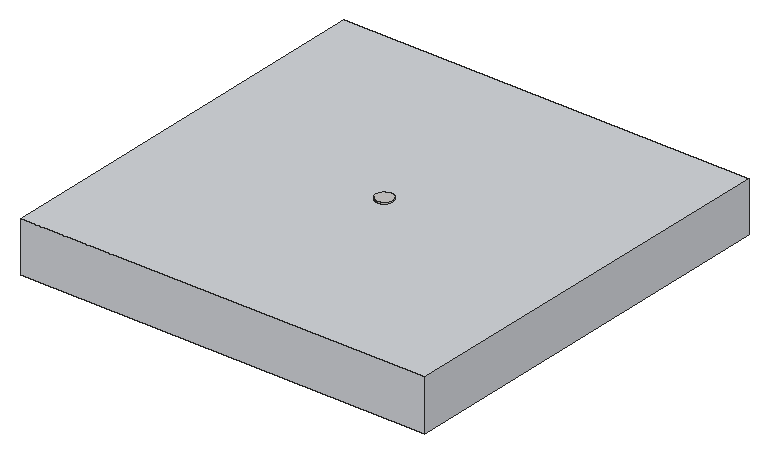
Revit family
Parameters (values of type "873-240")
  URL = "www.siouxchief.com"
  R = Connection Diameter / 2  # 0' - 2"
  Model = "Sioux Chief Wall Cleanout Kit"
  Manufacturer = "Sioux Chief Manufacturing Inc."
  Description = "Wall Plate / Screw / Plug - 4\" Dia. SS Wall Plate"
  Default Elevation = 4' - 0"
  Connection Diameter = 0' - 4"
  Base = SiouxChief_StainlessSteel
Types (7): name | R | Description | Connection Diameter | Base
  (no name) | 0' - 2" | "Wall Plate / Screw / Plug - 4\" Dia. SS Wall Plate" | 0' - 4" | SiouxChief_StainlessSteel
  873-240 | 0' - 2" | "Wall Plate / Screw / Plug - 4\" Dia. SS Wall Plate" | 0' - 4" | SiouxChief_StainlessSteel
  873-350 | 0' - 2 1/2" | "Wall Plate / Screw / Plug - 5\" Dia. SS Wall Plate" | 0' - 5" | SiouxChief_StainlessSteel
  873-460 | 0' - 3" | "Wall Plate / Screw / Plug - 6\" Dia. SS Wall Plate" | 0' - 6" | SiouxChief_StainlessSteel
  873-240P | 0' - 2" | "Wall Plate / Screw / Plug - 4\" Dia. SS Wall Plate" | 0' - 4" | SiouxChief_Polypropylene Wall Cover
  873-350P | 0' - 2 1/2" | "Wall Plate / Screw / Plug - 5\" Dia. SS Wall Plate" | 0' - 5" | SiouxChief_Polypropylene Wall Cover
  873-460P | 0' - 3" | "Wall Plate / Screw / Plug - 6\" Dia. SS Wall Plate" | 0' - 6" | SiouxChief_Polypropylene Wall Cover
Reference planes (in)
  plane 1 "Center (Front/Back)": y = 0
  plane 2: z = 0
  plane 3 "Center (Left/Right)": x = 0
  plane 4: z = 0.5
Forms (in)
  Extrusion 1, solid
    sketch origin (0, 0, 0) x (1, 0, 0) y (0, 1, 0)
      loop
        line (-48, 48) -> (-48, -48) -> (48, -48) -> (48, 48) -> (-48, 48)
    from 0 to -12
  Extrusion 2, solid, material "SiouxChief_StainlessSteel" <- "Base"
    sketch origin (0, 0, 0) x (1, 0, 0) y (0, 1, 0)
      loop
        circle (0, 0) r 2
    from 0 to 0.25
Dimensions and locks (in)
  "R": radius of Extrusion 2 sketch curve
  aligned and locked: plane 2 to Extrusion 1
  aligned and locked: level to Extrusion 1
Automatic sketch dimensions
  Extrusion 1 sketch curve to Extrusion 1 sketch curve = 8' - 0"  (x2)
  plane 1 "Center (Front/Back)" to Extrusion 2 sketch curve = 0' - 0"
  Extrusion 2 sketch curve to plane 3 "Center (Left/Right)" = 0' - 0"
